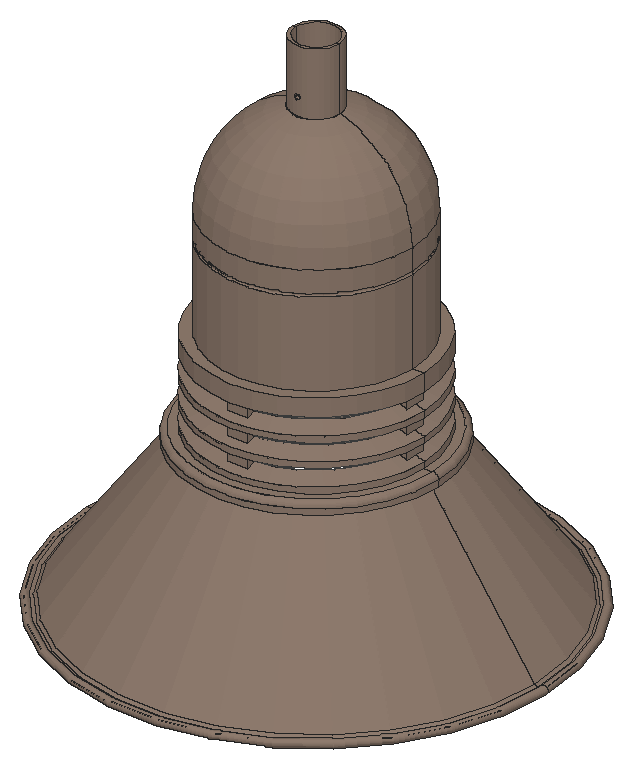
Revit family "BVA2009", category Generic Models, Revit 2014
Parameters
  GLASS = Glass
  BELL = Bronze, Architectural
Reference planes (in)
  plane 1 "Center (Front/Back)": y = 0
  plane 2: z = 0
  plane 3 "Center (Left/Right)": x = 0
Forms (in)
  Revolve 1, solid, material "Bronze, Architectural" <- "BELL"
    sketch origin (0, 0, 0) x (1, 0, 0) y (0, 0, 1)
      loop
        line (-1.00991, 22.36504) -> (-1.00991, 19.61504) -> (-0.88491, 19.61504) -> (-0.88491, 22.36504) -> (-1.00991, 22.36504)
      axis (0, 22.36504) -> (0, 19.61504)
    angle from 0 to 360
  Revolve 2, solid, material "Bronze, Architectural" <- "BELL"
    sketch origin (0, 0, 0) x (1, 0, 0) y (0, 0, 1)
      loop
        line (-0.69991, 19.61504) -> (-1.05259, 19.61504)
        arc (-1.05259, 19.61504) -> (-3.35001, 18.10258) -> (-4.24009, 15.5) r 4.25
        line (-4.24009, 15.5) -> (-4.24009, 14.5625)
        arc (-4.24009, 14.5625) -> (-4.20152, 14.5) -> (-4.24009, 14.4375) r 0.06992
        line (-4.24009, 14.4375) -> (-4.24009, 10.75) -> (-4.74009, 10.75) -> (-4.74009, 10) -> (-4.11509, 10) -> (-4.11509, 14.3836)
        arc (-4.11509, 14.3836) -> (-4.07652, 14.5) -> (-4.11509, 14.6164) r 0.19492
        line (-4.11509, 14.6164) -> (-4.11509, 15.5)
        arc (-4.11509, 15.5) -> (-3.25601, 18.0198) -> (-1.03659, 19.49004) r 4.125
        line (-1.03659, 19.49004) -> (-0.69991, 19.49004) -> (-0.69991, 19.61504)
      axis (0, 19.61504) -> (0, 10)
    angle from 0 to 360
  Revolve 3, solid, material "Bronze, Architectural" <- "BELL"
    sketch origin (0, 0, 0) x (1, 0, 0) y (0, 0, 1)
      loop
        line (-3.99009, 6.5) -> (-4.86366, 6.5)
        arc (-4.86366, 6.5) -> (-4.97648, 6.47309) -> (-5.06502, 6.39816) r 0.25
        line (-5.06502, 6.39816) -> (-9.58625, 0.25359)
        arc (-9.58625, 0.25359) -> (-9.64352, 0.19644) -> (-9.71104, 0.15185) r 0.40382
        arc (-9.71104, 0.15185) -> (-9.84729, 0.10616) -> (-9.99009, 0.09) r 0.6827
        arc (-9.99009, 0.09) -> (-10.02155, 0.14126) -> (-9.96154, 0.14524) r 0.03513
        line (-9.96154, 0.14524) -> (-9.85905, 0.21681)
        arc (-9.85905, 0.21681) -> (-10.1326, 0.19865) -> (-9.98919, -0.035) r 0.16013
        arc (-9.98919, -0.035) -> (-9.81863, -0.01552) -> (-9.65604, 0.03956) r 0.8077
        arc (-9.65604, 0.03956) -> (-9.56454, 0.09955) -> (-9.48735, 0.17708) r 0.52882
        line (-9.48735, 0.17708) -> (-4.96434, 6.32408)
        arc (-4.96434, 6.32408) -> (-4.92007, 6.36155) -> (-4.86366, 6.375) r 0.125
        line (-4.86366, 6.375) -> (-3.99009, 6.375) -> (-3.99009, 6.5)
      axis (0, 6.5) -> (0, -0.035)
    angle from 0 to 360
  Revolve 4, solid, material "Bronze, Architectural" <- "BELL"
    sketch origin (0, 0, 0) x (1, 0, 0) y (0, 0, 1)
      loop
        arc (-5.11509, 7) -> (-5.29187, 6.92678) -> (-5.36509, 6.75) r 0.25
        line (-5.36509, 6.75) -> (-5.36509, 6.5) -> (-3.98978, 6.5) -> (-3.98978, 7) -> (-5.11509, 7)
      axis (0, 7) -> (0, 6.5)
    angle from 0 to 360
  Revolve 5, solid, material "Bronze, Architectural" <- "BELL"
    sketch origin (0, 0, 0) x (1, 0, 0) y (0, 0, 1)
      loop
        line (-3.99009, 9.5) -> (-4.74009, 9.25) -> (-4.74009, 9) -> (-4.61509, 9) -> (-4.61509, 9.15991) -> (-3.95056, 9.38141) -> (-3.95056, 9.5) -> (-3.99009, 9.5)
      loop
        line (-3.99009, 8.5) -> (-4.74009, 8.25) -> (-4.74009, 8) -> (-4.61509, 8) -> (-4.61509, 8.15991) -> (-3.95056, 8.38141) -> (-3.95056, 8.5) -> (-3.99009, 8.5)
      loop
        line (-3.99009, 7.5) -> (-4.74009, 7.25) -> (-4.74009, 7) -> (-4.61509, 7) -> (-4.61509, 7.15991) -> (-3.95056, 7.38141) -> (-3.95056, 7.5) -> (-3.99009, 7.5)
      axis (0, 9.5) -> (0, 7)
    angle from 0 to 360
  Extrusion 6, solid, material "Bronze, Architectural" <- "BELL"
    sketch origin (0, 0, 0) x (1, 0, 0) y (0, 0, 1)
      loop
        line (4.32241, 10) -> (4.00991, 10) -> (4.00991, 7) -> (4.32241, 7) -> (4.32241, 10)
    from -0.4375 to 0.4375
  Extrusion 7, solid, material "Bronze, Architectural" <- "BELL"
    sketch origin (0, 0, 0) x (-1, 0, 0) y (0, 0, 1)
      loop
        line (4.32241, 10) -> (4.00991, 10) -> (4.00991, 7) -> (4.32241, 7) -> (4.32241, 10)
    from -0.4375 to 0.4375
  Extrusion 8, solid, material "Bronze, Architectural" <- "BELL"
    sketch origin (0, 0, 0) x (0, -1, 0) y (0, 0, 1)
      loop
        line (4.32241, 10) -> (4.00991, 10) -> (4.00991, 7) -> (4.32241, 7) -> (4.32241, 10)
    from -0.4375 to 0.4375
  Extrusion 9, solid, material "Bronze, Architectural" <- "BELL"
    sketch origin (0, 0, 0) x (0, 1, 0) y (0, 0, 1)
      loop
        line (4.32241, 10) -> (4.00991, 10) -> (4.00991, 7) -> (4.32241, 7) -> (4.32241, 10)
    from -0.4375 to 0.4375
  Extrusion 10, void
    sketch origin (0, 0, 0) x (1, 0, 0) y (0, 0, 1)
      loop
        circle (0, 20.36504) r 0.12446
    from -1.04833 to 1.05599
  Revolve 11, solid, material "Glass" <- "GLASS"
    sketch origin (0, 0, 0) x (1, 0, 0) y (0, 0, 1)
      loop
        line (0, 10) -> (-4.00991, 10) -> (-4.00991, 7) -> (0, 7) -> (0, 10)
      axis (0, 10) -> (0, 7)
    angle from 0 to 360
Cuts and joins
  Extrusion 10 cuts Revolve 1
Lines and regions (in)
  model lines
    curve 1: line (4.00991, 0, 10) -> (4.00991, 0, 7)
Dimensions and locks (in)
  aligned and locked: plane 2 to level
